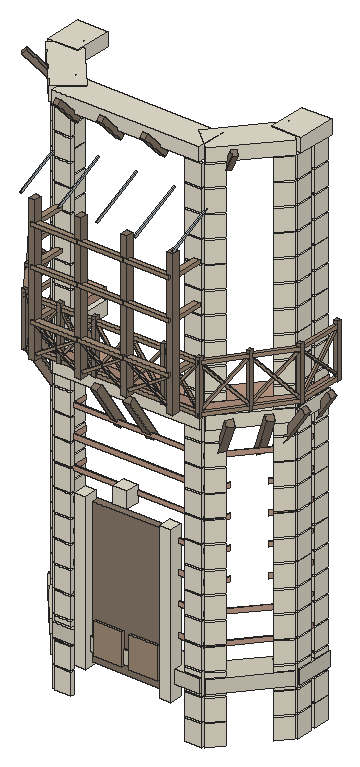
Revit family "AM_Detail_06_Polygonal_tower_and_carved_oriel", category Generic Models, Revit 2025
Family settings
  Can host rebar = No
  Round Connector Dimension = Use Diameter
  Part Type = Normal
  Work Plane-Based = No
  Always vertical = Yes
  Cut with Voids When Loaded = No
  Maintain Annotation Orientation = No
  Shared = No
  Room Calculation Point = No
Parameters (values of type "Original geometry")
  Description = "AM v1.0.0 architectural ornament. Editable native extrusion sketches; fixed photographic geometry. Not a structural wall/window/roof substitute."
  Default Elevation = 0 mm
Reference planes
  plane 1 "Center (Front/Back)": y = 0
  plane 2: z = 0
  plane 3 "Center (Left/Right)": x = 0
Forms (mm)
  Extrusion 1, solid, material "AM Warm limestone - fine pores"
    sketch origin (-2310, -5950, 1025) x (1, 0, 0) y (0, 1, 0)
      loop
        line (0, 0) -> (0, -700) -> (500, -700.001) -> (500, 0) -> (0, 0)
    from 0 to 250
  Extrusion 2, solid, material "AM Ivory carved stone"
    sketch origin (-2305, -5950, 5380) x (1, 0, 0) y (0, 1, 0)
      loop
        line (0, 0) -> (0, -700) -> (490, -700.001) -> (490, 0) -> (0, 0)
    from 0 to 240
  Extrusion 3, solid, material "AM Faded terracotta masonry"
    sketch origin (-2290, -5950, 5705) x (1, 0, 0) y (0, 1, 0)
      loop
        line (0, 0) -> (0, -700) -> (460, -700.001) -> (460, 0) -> (0, 0)
    from 0 to 130
  Extrusion 4, solid, material "AM Ivory carved stone"
    sketch origin (-2335, -5950, 9815) x (1, 0, 0) y (0, 1, 0)
      loop
        line (0, 0) -> (0, -700) -> (550, -700.001) -> (550, 0) -> (0, 0)
    from 0 to 250
  Extrusion 5, solid, material "AM Faded terracotta masonry"
    sketch origin (-2222, -5950, 1757.5) x (1, 0, 0) y (0, 1, 0)
      loop
        line (0, 0) -> (0, -700) -> (20, -700.001) -> (20, 0) -> (0, 0)
    from 0 to 85
  Extrusion 6, solid, material "AM Faded terracotta masonry"
    sketch origin (-2222, -5950, 2277.5) x (1, 0, 0) y (0, 1, 0)
      loop
        line (0, 0) -> (0, -700) -> (20, -700.001) -> (20, 0) -> (0, 0)
    from 0 to 85
  Extrusion 7, solid, material "AM Faded terracotta masonry"
    sketch origin (-2222, -5950, 2797.5) x (1, 0, 0) y (0, 1, 0)
      loop
        line (0, 0) -> (0, -700) -> (20, -700.001) -> (20, 0) -> (0, 0)
    from 0 to 85
  Extrusion 8, solid, material "AM Faded terracotta masonry"
    sketch origin (-2222, -5950, 3317.5) x (1, 0, 0) y (0, 1, 0)
      loop
        line (0, 0) -> (0, -700) -> (20, -700.001) -> (20, 0) -> (0, 0)
    from 0 to 85
  Extrusion 9, solid, material "AM Faded terracotta masonry"
    sketch origin (-2222, -5950, 3837.5) x (1, 0, 0) y (0, 1, 0)
      loop
        line (0, 0) -> (0, -700) -> (20, -700.001) -> (20, 0) -> (0, 0)
    from 0 to 85
  Extrusion 10, solid, material "AM Faded terracotta masonry"
    sketch origin (-2222, -5950, 4357.5) x (1, 0, 0) y (0, 1, 0)
      loop
        line (0, 0) -> (0, -700) -> (20, -700.001) -> (20, 0) -> (0, 0)
    from 0 to 85
  Extrusion 11, solid, material "AM Faded terracotta masonry"
    sketch origin (-2222, -5950, 4877.5) x (1, 0, 0) y (0, 1, 0)
      loop
        line (0, 0) -> (0, -700) -> (20, -700.001) -> (20, 0) -> (0, 0)
    from 0 to 85
  Extrusion 12, solid, material "AM Ivory carved stone"
    sketch origin (-2265, -5950, 125) x (1, 0, 0) y (0, 1, 0)
      loop
        line (0, 0) -> (0, -300) -> (60, -300) -> (60, 0) -> (0, 0)
    from 0 to 390
  Extrusion 13, solid, material "AM Ivory carved stone"
    sketch origin (-2265, -5950, 545) x (1, 0, 0) y (0, 1, 0)
      loop
        line (0, 0) -> (0, -300) -> (60, -300) -> (60, 0) -> (0, 0)
    from 0 to 390
  Extrusion 14, solid, material "AM Ivory carved stone"
    sketch origin (-2265, -5950, 965) x (1, 0, 0) y (0, 1, 0)
      loop
        line (0, 0) -> (0, -300) -> (60, -300) -> (60, 0) -> (0, 0)
    from 0 to 390
  Extrusion 15, solid, material "AM Ivory carved stone"
    sketch origin (-2265, -5950, 1385) x (1, 0, 0) y (0, 1, 0)
      loop
        line (0, 0) -> (0, -300) -> (60, -300) -> (60, 0) -> (0, 0)
    from 0 to 390
  Extrusion 16, solid, material "AM Ivory carved stone"
    sketch origin (-2265, -5950, 1805) x (1, 0, 0) y (0, 1, 0)
      loop
        line (0, 0) -> (0, -300) -> (60, -300) -> (60, 0) -> (0, 0)
    from 0 to 390
  Extrusion 17, solid, material "AM Ivory carved stone"
    sketch origin (-2265, -5950, 2225) x (1, 0, 0) y (0, 1, 0)
      loop
        line (0, 0) -> (0, -300) -> (60, -300) -> (60, 0) -> (0, 0)
    from 0 to 390
  Extrusion 18, solid, material "AM Ivory carved stone"
    sketch origin (-2265, -5950, 2645) x (1, 0, 0) y (0, 1, 0)
      loop
        line (0, 0) -> (0, -300) -> (60, -300) -> (60, 0) -> (0, 0)
    from 0 to 390
  Extrusion 19, solid, material "AM Ivory carved stone"
    sketch origin (-2265, -5950, 3065) x (1, 0, 0) y (0, 1, 0)
      loop
        line (0, 0) -> (0, -300) -> (60, -300) -> (60, 0) -> (0, 0)
    from 0 to 390
  Extrusion 20, solid, material "AM Ivory carved stone"
    sketch origin (-2265, -5950, 3485) x (1, 0, 0) y (0, 1, 0)
      loop
        line (0, 0) -> (0, -300) -> (60, -300) -> (60, 0) -> (0, 0)
    from 0 to 390
  Extrusion 21, solid, material "AM Ivory carved stone"
    sketch origin (-2265, -5950, 3905) x (1, 0, 0) y (0, 1, 0)
      loop
        line (0, 0) -> (0, -300) -> (60, -300) -> (60, 0) -> (0, 0)
    from 0 to 390
  Extrusion 22, solid, material "AM Ivory carved stone"
    sketch origin (-2265, -5950, 4325) x (1, 0, 0) y (0, 1, 0)
      loop
        line (0, 0) -> (0, -300) -> (60, -300) -> (60, 0) -> (0, 0)
    from 0 to 390
  Extrusion 23, solid, material "AM Ivory carved stone"
    sketch origin (-2265, -5950, 4745) x (1, 0, 0) y (0, 1, 0)
      loop
        line (0, 0) -> (0, -300) -> (60, -300) -> (60, 0) -> (0, 0)
    from 0 to 390
  Extrusion 24, solid, material "AM Ivory carved stone"
    sketch origin (-2265, -5950, 5165) x (1, 0, 0) y (0, 1, 0)
      loop
        line (0, 0) -> (0, -300) -> (60, -300) -> (60, 0) -> (0, 0)
    from 0 to 390
  Extrusion 25, solid, material "AM Ivory carved stone"
    sketch origin (-2265, -5950, 5585) x (1, 0, 0) y (0, 1, 0)
      loop
        line (0, 0) -> (0, -300) -> (60, -300) -> (60, 0) -> (0, 0)
    from 0 to 390
  Extrusion 26, solid, material "AM Ivory carved stone"
    sketch origin (-2265, -5950, 6005) x (1, 0, 0) y (0, 1, 0)
      loop
        line (0, 0) -> (0, -300) -> (60, -300) -> (60, 0) -> (0, 0)
    from 0 to 390
  Extrusion 27, solid, material "AM Ivory carved stone"
    sketch origin (-2265, -5950, 6425) x (1, 0, 0) y (0, 1, 0)
      loop
        line (0, 0) -> (0, -300) -> (60, -300) -> (60, 0) -> (0, 0)
    from 0 to 390
  Extrusion 28, solid, material "AM Ivory carved stone"
    sketch origin (-2265, -5950, 6845) x (1, 0, 0) y (0, 1, 0)
      loop
        line (0, 0) -> (0, -300) -> (60, -300) -> (60, 0) -> (0, 0)
    from 0 to 390
  Extrusion 29, solid, material "AM Ivory carved stone"
    sketch origin (-2265, -5950, 7265) x (1, 0, 0) y (0, 1, 0)
      loop
        line (0, 0) -> (0, -300) -> (60, -300) -> (60, 0) -> (0, 0)
    from 0 to 390
  Extrusion 30, solid, material "AM Ivory carved stone"
    sketch origin (-2265, -5950, 7685) x (1, 0, 0) y (0, 1, 0)
      loop
        line (0, 0) -> (0, -300) -> (60, -300) -> (60, 0) -> (0, 0)
    from 0 to 390
  Extrusion 31, solid, material "AM Ivory carved stone"
    sketch origin (-2265, -5950, 8105) x (1, 0, 0) y (0, 1, 0)
      loop
        line (0, 0) -> (0, -300) -> (60, -300) -> (60, 0) -> (0, 0)
    from 0 to 389.999
  Extrusion 32, solid, material "AM Ivory carved stone"
    sketch origin (-2265, -5950, 8525.001) x (1, 0, 0) y (0, 1, 0)
      loop
        line (0, 0) -> (0, -300) -> (60, -300) -> (60, 0) -> (0, 0)
    from 0 to 389.999
  Extrusion 33, solid, material "AM Ivory carved stone"
    sketch origin (-2265, -5950, 8945.001) x (1, 0, 0) y (0, 1, 0)
      loop
        line (0, 0) -> (0, -300) -> (60, -300) -> (60, 0) -> (0, 0)
    from 0 to 389.999
  Extrusion 34, solid, material "AM Ivory carved stone"
    sketch origin (-2265, -5950, 9365.001) x (1, 0, 0) y (0, 1, 0)
      loop
        line (0, 0) -> (0, -300) -> (60, -300) -> (60, 0) -> (0, 0)
    from 0 to 389.999
  Extrusion 35, solid, material "AM Ivory carved stone"
    sketch origin (-2265, -6350, 125) x (1, 0, 0) y (0, 1, 0)
      loop
        line (0, 0) -> (0, -300) -> (60, -300) -> (60, 0) -> (0, 0)
    from 0 to 390
  Extrusion 36, solid, material "AM Ivory carved stone"
    sketch origin (-2265, -6350, 545) x (1, 0, 0) y (0, 1, 0)
      loop
        line (0, 0) -> (0, -300) -> (60, -300) -> (60, 0) -> (0, 0)
    from 0 to 390
  Extrusion 37, solid, material "AM Ivory carved stone"
    sketch origin (-2265, -6350, 965) x (1, 0, 0) y (0, 1, 0)
      loop
        line (0, 0) -> (0, -300) -> (60, -300) -> (60, 0) -> (0, 0)
    from 0 to 390
  Extrusion 38, solid, material "AM Ivory carved stone"
    sketch origin (-2265, -6350, 1385) x (1, 0, 0) y (0, 1, 0)
      loop
        line (0, 0) -> (0, -300) -> (60, -300) -> (60, 0) -> (0, 0)
    from 0 to 390
  Extrusion 39, solid, material "AM Ivory carved stone"
    sketch origin (-2265, -6350, 1805) x (1, 0, 0) y (0, 1, 0)
      loop
        line (0, 0) -> (0, -300) -> (60, -300) -> (60, 0) -> (0, 0)
    from 0 to 390
  Extrusion 40, solid, material "AM Ivory carved stone"
    sketch origin (-2265, -6350, 2225) x (1, 0, 0) y (0, 1, 0)
      loop
        line (0, 0) -> (0, -300) -> (60, -300) -> (60, 0) -> (0, 0)
    from 0 to 390
  Extrusion 41, solid, material "AM Ivory carved stone"
    sketch origin (-2265, -6350, 2645) x (1, 0, 0) y (0, 1, 0)
      loop
        line (0, 0) -> (0, -300) -> (60, -300) -> (60, 0) -> (0, 0)
    from 0 to 390
  Extrusion 42, solid, material "AM Ivory carved stone"
    sketch origin (-2265, -6350, 3065) x (1, 0, 0) y (0, 1, 0)
      loop
        line (0, 0) -> (0, -300) -> (60, -300) -> (60, 0) -> (0, 0)
    from 0 to 390
  Extrusion 43, solid, material "AM Ivory carved stone"
    sketch origin (-2265, -6350, 3485) x (1, 0, 0) y (0, 1, 0)
      loop
        line (0, 0) -> (0, -300) -> (60, -300) -> (60, 0) -> (0, 0)
    from 0 to 390
  Extrusion 44, solid, material "AM Ivory carved stone"
    sketch origin (-2265, -6350, 3905) x (1, 0, 0) y (0, 1, 0)
      loop
        line (0, 0) -> (0, -300) -> (60, -300) -> (60, 0) -> (0, 0)
    from 0 to 390
  Extrusion 45, solid, material "AM Ivory carved stone"
    sketch origin (-2265, -6350, 4325) x (1, 0, 0) y (0, 1, 0)
      loop
        line (0, 0) -> (0, -300) -> (60, -300) -> (60, 0) -> (0, 0)
    from 0 to 390
  Extrusion 46, solid, material "AM Ivory carved stone"
    sketch origin (-2265, -6350, 4745) x (1, 0, 0) y (0, 1, 0)
      loop
        line (0, 0) -> (0, -300) -> (60, -300) -> (60, 0) -> (0, 0)
    from 0 to 390
  Extrusion 47, solid, material "AM Ivory carved stone"
    sketch origin (-2265, -6350, 5165) x (1, 0, 0) y (0, 1, 0)
      loop
        line (0, 0) -> (0, -300) -> (60, -300) -> (60, 0) -> (0, 0)
    from 0 to 390
  Extrusion 48, solid, material "AM Ivory carved stone"
    sketch origin (-2265, -6350, 5585) x (1, 0, 0) y (0, 1, 0)
      loop
        line (0, 0) -> (0, -300) -> (60, -300) -> (60, 0) -> (0, 0)
    from 0 to 390
  Extrusion 49, solid, material "AM Ivory carved stone"
    sketch origin (-2265, -6350, 6005) x (1, 0, 0) y (0, 1, 0)
      loop
        line (0, 0) -> (0, -300) -> (60, -300) -> (60, 0) -> (0, 0)
    from 0 to 390
  Extrusion 50, solid, material "AM Ivory carved stone"
    sketch origin (-2265, -6350, 6425) x (1, 0, 0) y (0, 1, 0)
      loop
        line (0, 0) -> (0, -300) -> (60, -300) -> (60, 0) -> (0, 0)
    from 0 to 390
  Extrusion 51, solid, material "AM Ivory carved stone"
    sketch origin (-2265, -6350, 6845) x (1, 0, 0) y (0, 1, 0)
      loop
        line (0, 0) -> (0, -300) -> (60, -300) -> (60, 0) -> (0, 0)
    from 0 to 390
  Extrusion 52, solid, material "AM Ivory carved stone"
    sketch origin (-2265, -6350, 7265) x (1, 0, 0) y (0, 1, 0)
      loop
        line (0, 0) -> (0, -300) -> (60, -300) -> (60, 0) -> (0, 0)
    from 0 to 390
  Extrusion 53, solid, material "AM Ivory carved stone"
    sketch origin (-2265, -6350, 7685) x (1, 0, 0) y (0, 1, 0)
      loop
        line (0, 0) -> (0, -300) -> (60, -300) -> (60, 0) -> (0, 0)
    from 0 to 390
  Extrusion 54, solid, material "AM Ivory carved stone"
    sketch origin (-2265, -6350, 8105) x (1, 0, 0) y (0, 1, 0)
      loop
        line (0, 0) -> (0, -300) -> (60, -300) -> (60, 0) -> (0, 0)
    from 0 to 389.999
  Extrusion 55, solid, material "AM Ivory carved stone"
    sketch origin (-2265, -6350, 8525.001) x (1, 0, 0) y (0, 1, 0)
      loop
        line (0, 0) -> (0, -300) -> (60, -300) -> (60, 0) -> (0, 0)
    from 0 to 389.999
  Extrusion 56, solid, material "AM Ivory carved stone"
    sketch origin (-2265, -6350, 8945.001) x (1, 0, 0) y (0, 1, 0)
      loop
        line (0, 0) -> (0, -300) -> (60, -300) -> (60, 0) -> (0, 0)
    from 0 to 389.999
  Extrusion 57, solid, material "AM Ivory carved stone"
    sketch origin (-2265, -6350, 9365.001) x (1, 0, 0) y (0, 1, 0)
      loop
        line (0, 0) -> (0, -300) -> (60, -300) -> (60, 0) -> (0, 0)
    from 0 to 389.999
  Extrusion 58, solid, material "AM Warm limestone - fine pores"
    sketch origin (-2283.813, -6721.241, 1025) x (1, 0, 0) y (0, 1, 0)
      loop
        line (0, 0) -> (850, -1000) -> (1230.97, -676.176) -> (380.97, 323.824) -> (0, 0)
    from 0 to 250
  Extrusion 59, solid, material "AM Ivory carved stone"
    sketch origin (-2280.004, -6718.003, 5380) x (1, 0, 0) y (0, 1, 0)
      loop
        line (0, 0) -> (850, -1000) -> (1223.35, -682.652) -> (373.35, 317.348) -> (0, 0)
    from 0 to 240
  Extrusion 60, solid, material "AM Faded terracotta masonry"
    sketch origin (-2268.575, -6708.289, 5705) x (1, 0, 0) y (0, 1, 0)
      loop
        line (0, 0) -> (850, -1000) -> (1200.492, -702.082) -> (350.492, 297.918) -> (0, 0)
    from 0 to 130
  Extrusion 61, solid, material "AM Ivory carved stone"
    sketch origin (-2302.862, -6737.433, 9815) x (1, 0, 0) y (0, 1, 0)
      loop
        line (0, 0) -> (850, -1000) -> (1269.067, -643.793) -> (419.067, 356.207) -> (0, 0)
    from 0 to 250
  Extrusion 62, solid, material "AM Faded terracotta masonry"
    sketch origin (-2216.763, -6664.248, 1757.5) x (1, 0, 0) y (0, 1, 0)
      loop
        line (0, 0) -> (850, -1000) -> (865.239, -987.047) -> (15.239, 12.953) -> (0, 0)
    from 0 to 85
  Extrusion 63, solid, material "AM Faded terracotta masonry"
    sketch origin (-2216.763, -6664.248, 2277.5) x (1, 0, 0) y (0, 1, 0)
      loop
        line (0, 0) -> (850, -1000) -> (865.239, -987.047) -> (15.239, 12.953) -> (0, 0)
    from 0 to 85
  Extrusion 64, solid, material "AM Faded terracotta masonry"
    sketch origin (-2216.763, -6664.248, 2797.5) x (1, 0, 0) y (0, 1, 0)
      loop
        line (0, 0) -> (240.42, -282.847) -> (255.659, -269.895) -> (15.239, 12.953) -> (0, 0)
    from 0 to 85
  Extrusion 65, solid, material "AM Faded terracotta masonry"
    sketch origin (-1607.183, -7381.401, 2797.5) x (1, 0, 0) y (0, 1, 0)
      loop
        line (0, 0) -> (240.42, -282.847) -> (255.659, -269.895) -> (15.239, 12.953) -> (0, 0)
    from 0 to 85
  Extrusion 66, solid, material "AM Faded terracotta masonry"
    sketch origin (-2216.763, -6664.248, 3317.5) x (1, 0, 0) y (0, 1, 0)
      loop
        line (0, 0) -> (240.42, -282.847) -> (255.659, -269.895) -> (15.239, 12.953) -> (0, 0)
    from 0 to 85
  Extrusion 67, solid, material "AM Faded terracotta masonry"
    sketch origin (-1607.183, -7381.401, 3317.5) x (1, 0, 0) y (0, 1, 0)
      loop
        line (0, 0) -> (240.42, -282.847) -> (255.659, -269.895) -> (15.239, 12.953) -> (0, 0)
    from 0 to 85
  Extrusion 68, solid, material "AM Faded terracotta masonry"
    sketch origin (-2216.763, -6664.248, 3837.5) x (1, 0, 0) y (0, 1, 0)
      loop
        line (0, 0) -> (240.42, -282.847) -> (255.659, -269.895) -> (15.239, 12.953) -> (0, 0)
    from 0 to 85
  Extrusion 69, solid, material "AM Faded terracotta masonry"
    sketch origin (-1607.183, -7381.401, 3837.5) x (1, 0, 0) y (0, 1, 0)
      loop
        line (0, 0) -> (240.42, -282.847) -> (255.659, -269.895) -> (15.239, 12.953) -> (0, 0)
    from 0 to 85
  Extrusion 70, solid, material "AM Faded terracotta masonry"
    sketch origin (-2216.763, -6664.248, 4357.5) x (1, 0, 0) y (0, 1, 0)
      loop
        line (0, 0) -> (240.42, -282.847) -> (255.659, -269.895) -> (15.239, 12.953) -> (0, 0)
    from 0 to 85
  Extrusion 71, solid, material "AM Faded terracotta masonry"
    sketch origin (-1607.183, -7381.401, 4357.5) x (1, 0, 0) y (0, 1, 0)
      loop
        line (0, 0) -> (240.42, -282.847) -> (255.659, -269.895) -> (15.239, 12.953) -> (0, 0)
    from 0 to 85
  Extrusion 72, solid, material "AM Faded terracotta masonry"
    sketch origin (-2216.763, -6664.248, 4877.5) x (1, 0, 0) y (0, 1, 0)
      loop
        line (0, 0) -> (850, -1000) -> (865.239, -987.047) -> (15.239, 12.953) -> (0, 0)
    from 0 to 85
  Extrusion 73, solid, material "AM Ivory carved stone"
    sketch origin (-2249.526, -6692.097, 125) x (1, 0, 0) y (0, 1, 0)
      loop
        line (0, 0) -> (194.294, -228.582) -> (240.011, -189.723) -> (45.716, 38.859) -> (0, 0)
    from 0 to 390
  Extrusion 74, solid, material "AM Ivory carved stone"
    sketch origin (-2249.526, -6692.097, 545) x (1, 0, 0) y (0, 1, 0)
      loop
        line (0, 0) -> (194.294, -228.582) -> (240.011, -189.723) -> (45.716, 38.859) -> (0, 0)
    from 0 to 390
  Extrusion 75, solid, material "AM Ivory carved stone"
    sketch origin (-2249.526, -6692.097, 965) x (1, 0, 0) y (0, 1, 0)
      loop
        line (0, 0) -> (194.294, -228.582) -> (240.011, -189.723) -> (45.716, 38.859) -> (0, 0)
    from 0 to 390
  Extrusion 76, solid, material "AM Ivory carved stone"
    sketch origin (-2249.526, -6692.097, 1385) x (1, 0, 0) y (0, 1, 0)
      loop
        line (0, 0) -> (194.294, -228.582) -> (240.011, -189.723) -> (45.716, 38.859) -> (0, 0)
    from 0 to 390
  Extrusion 77, solid, material "AM Ivory carved stone"
    sketch origin (-2249.526, -6692.097, 1805) x (1, 0, 0) y (0, 1, 0)
      loop
        line (0, 0) -> (194.294, -228.582) -> (240.011, -189.723) -> (45.716, 38.859) -> (0, 0)
    from 0 to 390
  Extrusion 78, solid, material "AM Ivory carved stone"
    sketch origin (-2249.526, -6692.097, 2225) x (1, 0, 0) y (0, 1, 0)
      loop
        line (0, 0) -> (194.294, -228.582) -> (240.011, -189.723) -> (45.716, 38.859) -> (0, 0)
    from 0 to 390
  Extrusion 79, solid, material "AM Ivory carved stone"
    sketch origin (-2249.526, -6692.097, 2645) x (1, 0, 0) y (0, 1, 0)
      loop
        line (0, 0) -> (194.294, -228.582) -> (240.011, -189.723) -> (45.716, 38.859) -> (0, 0)
    from 0 to 390
  Extrusion 80, solid, material "AM Ivory carved stone"
    sketch origin (-2249.526, -6692.097, 3065) x (1, 0, 0) y (0, 1, 0)
      loop
        line (0, 0) -> (194.294, -228.582) -> (240.011, -189.723) -> (45.716, 38.859) -> (0, 0)
    from 0 to 390
  Extrusion 81, solid, material "AM Ivory carved stone"
    sketch origin (-2249.526, -6692.097, 3485) x (1, 0, 0) y (0, 1, 0)
      loop
        line (0, 0) -> (194.294, -228.582) -> (240.011, -189.723) -> (45.716, 38.859) -> (0, 0)
    from 0 to 390
  Extrusion 82, solid, material "AM Ivory carved stone"
    sketch origin (-2249.526, -6692.097, 3905) x (1, 0, 0) y (0, 1, 0)
      loop
        line (0, 0) -> (194.294, -228.582) -> (240.011, -189.723) -> (45.716, 38.859) -> (0, 0)
    from 0 to 390
  Extrusion 83, solid, material "AM Ivory carved stone"
    sketch origin (-2249.526, -6692.097, 4325) x (1, 0, 0) y (0, 1, 0)
      loop
        line (0, 0) -> (194.294, -228.582) -> (240.011, -189.723) -> (45.716, 38.859) -> (0, 0)
    from 0 to 390
  Extrusion 84, solid, material "AM Ivory carved stone"
    sketch origin (-2249.526, -6692.097, 4745) x (1, 0, 0) y (0, 1, 0)
      loop
        line (0, 0) -> (194.294, -228.582) -> (240.011, -189.723) -> (45.716, 38.859) -> (0, 0)
    from 0 to 390
  Extrusion 85, solid, material "AM Ivory carved stone"
    sketch origin (-2249.526, -6692.097, 5165) x (1, 0, 0) y (0, 1, 0)
      loop
        line (0, 0) -> (194.294, -228.582) -> (240.011, -189.723) -> (45.716, 38.859) -> (0, 0)
    from 0 to 390
  Extrusion 86, solid, material "AM Ivory carved stone"
    sketch origin (-2249.526, -6692.097, 5585) x (1, 0, 0) y (0, 1, 0)
      loop
        line (0, 0) -> (194.294, -228.582) -> (240.011, -189.723) -> (45.716, 38.859) -> (0, 0)
    from 0 to 390
  Extrusion 87, solid, material "AM Ivory carved stone"
    sketch origin (-2249.526, -6692.097, 6005) x (1, 0, 0) y (0, 1, 0)
      loop
        line (0, 0) -> (194.294, -228.582) -> (240.011, -189.723) -> (45.716, 38.859) -> (0, 0)
    from 0 to 390
  Extrusion 88, solid, material "AM Ivory carved stone"
    sketch origin (-2249.526, -6692.097, 6425) x (1, 0, 0) y (0, 1, 0)
      loop
        line (0, 0) -> (194.294, -228.582) -> (240.011, -189.723) -> (45.716, 38.859) -> (0, 0)
    from 0 to 390
  Extrusion 89, solid, material "AM Ivory carved stone"
    sketch origin (-2249.526, -6692.097, 6845) x (1, 0, 0) y (0, 1, 0)
      loop
        line (0, 0) -> (194.294, -228.582) -> (240.011, -189.723) -> (45.716, 38.859) -> (0, 0)
    from 0 to 390
  Extrusion 90, solid, material "AM Ivory carved stone"
    sketch origin (-2249.526, -6692.097, 7265) x (1, 0, 0) y (0, 1, 0)
      loop
        line (0, 0) -> (194.294, -228.582) -> (240.011, -189.723) -> (45.716, 38.859) -> (0, 0)
    from 0 to 390
  Extrusion 91, solid, material "AM Ivory carved stone"
    sketch origin (-2249.526, -6692.097, 7685) x (1, 0, 0) y (0, 1, 0)
      loop
        line (0, 0) -> (194.294, -228.582) -> (240.011, -189.723) -> (45.716, 38.859) -> (0, 0)
    from 0 to 390
  Extrusion 92, solid, material "AM Ivory carved stone"
    sketch origin (-2249.526, -6692.097, 8105) x (1, 0, 0) y (0, 1, 0)
      loop
        line (0, 0) -> (194.294, -228.582) -> (240.011, -189.723) -> (45.716, 38.859) -> (0, 0)
    from 0 to 389.999
  Extrusion 93, solid, material "AM Ivory carved stone"
    sketch origin (-2249.526, -6692.097, 8525.001) x (1, 0, 0) y (0, 1, 0)
      loop
        line (0, 0) -> (194.294, -228.582) -> (240.011, -189.723) -> (45.716, 38.859) -> (0, 0)
    from 0 to 389.999
  Extrusion 94, solid, material "AM Ivory carved stone"
    sketch origin (-2249.526, -6692.097, 8945.001) x (1, 0, 0) y (0, 1, 0)
      loop
        line (0, 0) -> (194.294, -228.582) -> (240.011, -189.723) -> (45.716, 38.859) -> (0, 0)
    from 0 to 389.999
  Extrusion 95, solid, material "AM Ivory carved stone"
    sketch origin (-2249.526, -6692.097, 9365.001) x (1, 0, 0) y (0, 1, 0)
      loop
        line (0, 0) -> (194.294, -228.582) -> (240.011, -189.723) -> (45.716, 38.859) -> (0, 0)
    from 0 to 389.999
  Extrusion 96, solid, material "AM Ivory carved stone"
    sketch origin (-1593.821, -7463.516, 125) x (1, 0, 0) y (0, 1, 0)
      loop
        line (0, 0) -> (194.295, -228.582) -> (240.011, -189.723) -> (45.716, 38.859) -> (0, 0)
    from 0 to 390
  Extrusion 97, solid, material "AM Ivory carved stone"
    sketch origin (-1593.821, -7463.516, 545) x (1, 0, 0) y (0, 1, 0)
      loop
        line (0, 0) -> (194.295, -228.582) -> (240.011, -189.723) -> (45.716, 38.859) -> (0, 0)
    from 0 to 390
  Extrusion 98, solid, material "AM Ivory carved stone"
    sketch origin (-1593.821, -7463.516, 965) x (1, 0, 0) y (0, 1, 0)
      loop
        line (0, 0) -> (194.295, -228.582) -> (240.011, -189.723) -> (45.716, 38.859) -> (0, 0)
    from 0 to 390
  Extrusion 99, solid, material "AM Ivory carved stone"
    sketch origin (-1593.821, -7463.516, 1385) x (1, 0, 0) y (0, 1, 0)
      loop
        line (0, 0) -> (194.295, -228.582) -> (240.011, -189.723) -> (45.716, 38.859) -> (0, 0)
    from 0 to 390
  Extrusion 100, solid, material "AM Ivory carved stone"
    sketch origin (-1593.821, -7463.516, 1805) x (1, 0, 0) y (0, 1, 0)
      loop
        line (0, 0) -> (194.295, -228.582) -> (240.011, -189.723) -> (45.716, 38.859) -> (0, 0)
    from 0 to 390
  Extrusion 101, solid, material "AM Ivory carved stone"
    sketch origin (-1593.821, -7463.516, 2225) x (1, 0, 0) y (0, 1, 0)
      loop
        line (0, 0) -> (194.295, -228.582) -> (240.011, -189.723) -> (45.716, 38.859) -> (0, 0)
    from 0 to 390
  Extrusion 102, solid, material "AM Ivory carved stone"
    sketch origin (-1593.821, -7463.516, 2645) x (1, 0, 0) y (0, 1, 0)
      loop
        line (0, 0) -> (194.295, -228.582) -> (240.011, -189.723) -> (45.716, 38.859) -> (0, 0)
    from 0 to 390
  Extrusion 103, solid, material "AM Ivory carved stone"
    sketch origin (-1593.821, -7463.516, 3065) x (1, 0, 0) y (0, 1, 0)
      loop
        line (0, 0) -> (194.295, -228.582) -> (240.011, -189.723) -> (45.716, 38.859) -> (0, 0)
    from 0 to 390
  Extrusion 104, solid, material "AM Ivory carved stone"
    sketch origin (-1593.821, -7463.516, 3485) x (1, 0, 0) y (0, 1, 0)
      loop
        line (0, 0) -> (194.295, -228.582) -> (240.011, -189.723) -> (45.716, 38.859) -> (0, 0)
    from 0 to 390
  Extrusion 105, solid, material "AM Ivory carved stone"
    sketch origin (-1593.821, -7463.516, 3905) x (1, 0, 0) y (0, 1, 0)
      loop
        line (0, 0) -> (194.295, -228.582) -> (240.011, -189.723) -> (45.716, 38.859) -> (0, 0)
    from 0 to 390
  Extrusion 106, solid, material "AM Ivory carved stone"
    sketch origin (-1593.821, -7463.516, 4325) x (1, 0, 0) y (0, 1, 0)
      loop
        line (0, 0) -> (194.295, -228.582) -> (240.011, -189.723) -> (45.716, 38.859) -> (0, 0)
    from 0 to 390
  Extrusion 107, solid, material "AM Ivory carved stone"
    sketch origin (-1593.821, -7463.516, 4745) x (1, 0, 0) y (0, 1, 0)
      loop
        line (0, 0) -> (194.295, -228.582) -> (240.011, -189.723) -> (45.716, 38.859) -> (0, 0)
    from 0 to 390
  Extrusion 108, solid, material "AM Ivory carved stone"
    sketch origin (-1593.821, -7463.516, 5165) x (1, 0, 0) y (0, 1, 0)
      loop
        line (0, 0) -> (194.295, -228.582) -> (240.011, -189.723) -> (45.716, 38.859) -> (0, 0)
    from 0 to 390
  Extrusion 109, solid, material "AM Ivory carved stone"
    sketch origin (-1593.821, -7463.516, 5585) x (1, 0, 0) y (0, 1, 0)
      loop
        line (0, 0) -> (194.295, -228.582) -> (240.011, -189.723) -> (45.716, 38.859) -> (0, 0)
    from 0 to 390
  Extrusion 110, solid, material "AM Ivory carved stone"
    sketch origin (-1593.821, -7463.516, 6005) x (1, 0, 0) y (0, 1, 0)
      loop
        line (0, 0) -> (194.295, -228.582) -> (240.011, -189.723) -> (45.716, 38.859) -> (0, 0)
    from 0 to 390
  Extrusion 111, solid, material "AM Ivory carved stone"
    sketch origin (-1593.821, -7463.516, 6425) x (1, 0, 0) y (0, 1, 0)
      loop
        line (0, 0) -> (194.295, -228.582) -> (240.011, -189.723) -> (45.716, 38.859) -> (0, 0)
    from 0 to 390
  Extrusion 112, solid, material "AM Ivory carved stone"
    sketch origin (-1593.821, -7463.516, 6845) x (1, 0, 0) y (0, 1, 0)
      loop
        line (0, 0) -> (194.295, -228.582) -> (240.011, -189.723) -> (45.716, 38.859) -> (0, 0)
    from 0 to 390
  Extrusion 113, solid, material "AM Ivory carved stone"
    sketch origin (-1593.821, -7463.516, 7265) x (1, 0, 0) y (0, 1, 0)
      loop
        line (0, 0) -> (194.295, -228.582) -> (240.011, -189.723) -> (45.716, 38.859) -> (0, 0)
    from 0 to 390
  Extrusion 114, solid, material "AM Ivory carved stone"
    sketch origin (-1593.821, -7463.516, 7685) x (1, 0, 0) y (0, 1, 0)
      loop
        line (0, 0) -> (194.295, -228.582) -> (240.011, -189.723) -> (45.716, 38.859) -> (0, 0)
    from 0 to 390
  Extrusion 115, solid, material "AM Ivory carved stone"
    sketch origin (-1593.821, -7463.516, 8105) x (1, 0, 0) y (0, 1, 0)
      loop
        line (0, 0) -> (194.295, -228.582) -> (240.011, -189.723) -> (45.716, 38.859) -> (0, 0)
    from 0 to 389.999
  Extrusion 116, solid, material "AM Ivory carved stone"
    sketch origin (-1593.821, -7463.516, 8525.001) x (1, 0, 0) y (0, 1, 0)
      loop
        line (0, 0) -> (194.295, -228.582) -> (240.011, -189.723) -> (45.716, 38.859) -> (0, 0)
    from 0 to 389.999
  Extrusion 117, solid, material "AM Ivory carved stone"
    sketch origin (-1593.821, -7463.516, 8945.001) x (1, 0, 0) y (0, 1, 0)
      loop
        line (0, 0) -> (194.295, -228.582) -> (240.011, -189.723) -> (45.716, 38.859) -> (0, 0)
    from 0 to 389.999
  Extrusion 118, solid, material "AM Ivory carved stone"
    sketch origin (-1593.821, -7463.516, 9365.001) x (1, 0, 0) y (0, 1, 0)
      loop
        line (0, 0) -> (194.295, -228.582) -> (240.011, -189.723) -> (45.716, 38.859) -> (0, 0)
    from 0 to 389.999
  Extrusion 119, solid, material "AM Aged chestnut timber"
    sketch origin (-2030.49, -6902.93, 9607.513) x (0.853484, -0.270457, 0.445441) y (0, 0.854779, 0.518992)
      loop
        line (0, 0) -> (72.089, -61.873) -> (133.961, 10.216) -> (61.872, 72.089) -> (0, 0)
    from 0 to 657.951
  Extrusion 120, solid, material "AM Warm limestone - fine pores"
    sketch origin (-1350, -7760, 1025) x (1, 0, 0) y (0, 1, 0)
      loop
        line (0, 0) -> (2700, 0) -> (2700, 500) -> (0, 500) -> (0, 0)
    from 0 to 250
  Extrusion 121, solid, material "AM Ivory carved stone"
    sketch origin (-1350, -7755, 5380) x (1, 0, 0) y (0, 1, 0)
      loop
        line (0, 0) -> (2700, 0) -> (2700, 490) -> (0, 490) -> (0, 0)
    from 0 to 240
  Extrusion 122, solid, material "AM Faded terracotta masonry"
    sketch origin (-1350, -7740, 5705) x (1, 0, 0) y (0, 1, 0)
      loop
        line (0, 0) -> (2700, 0) -> (2700, 460) -> (0, 460) -> (0, 0)
    from 0 to 130
  Extrusion 123, solid, material "AM Ivory carved stone"
    sketch origin (-1350, -7785, 9815) x (1, 0, 0) y (0, 1, 0)
      loop
        line (0, 0) -> (2700, 0) -> (2700, 550) -> (0, 550) -> (0, 0)
    from 0 to 250
  Extrusion 124, solid, material "AM Faded terracotta masonry"
    sketch origin (-1350, -7672, 1757.5) x (1, 0, 0) y (0, 1, 0)
      loop
        line (0, 0) -> (655, 0) -> (655, 20) -> (0, 20) -> (0, 0)
    from 0 to 85
  Extrusion 125, solid, material "AM Faded terracotta masonry"
    sketch origin (695, -7672, 1757.5) x (1, 0, 0) y (0, 1, 0)
      loop
        line (0, 0) -> (655, 0) -> (655, 20) -> (0, 20) -> (0, 0)
    from 0 to 85
  Extrusion 126, solid, material "AM Faded terracotta masonry"
    sketch origin (-1350, -7672, 2277.5) x (1, 0, 0) y (0, 1, 0)
      loop
        line (0, 0) -> (655, 0) -> (655, 20) -> (0, 20) -> (0, 0)
    from 0 to 85
  Extrusion 127, solid, material "AM Faded terracotta masonry"
    sketch origin (695, -7672, 2277.5) x (1, 0, 0) y (0, 1, 0)
      loop
        line (0, 0) -> (655, 0) -> (655, 20) -> (0, 20) -> (0, 0)
    from 0 to 85
  Extrusion 128, solid, material "AM Faded terracotta masonry"
    sketch origin (-1350, -7672, 2797.5) x (1, 0, 0) y (0, 1, 0)
      loop
        line (0, 0) -> (655, 0) -> (655, 20) -> (0, 20) -> (0, 0)
    from 0 to 85
  Extrusion 129, solid, material "AM Faded terracotta masonry"
    sketch origin (695, -7672, 2797.5) x (1, 0, 0) y (0, 1, 0)
      loop
        line (0, 0) -> (655, 0) -> (655, 20) -> (0, 20) -> (0, 0)
    from 0 to 85
  Extrusion 130, solid, material "AM Faded terracotta masonry"
    sketch origin (-1350, -7672, 3317.5) x (1, 0, 0) y (0, 1, 0)
      loop
        line (0, 0) -> (655, 0) -> (655, 20) -> (0, 20) -> (0, 0)
    from 0 to 85
  Extrusion 131, solid, material "AM Faded terracotta masonry"
    sketch origin (695, -7672, 3317.5) x (1, 0, 0) y (0, 1, 0)
      loop
        line (0, 0) -> (655, 0) -> (655, 20) -> (0, 20) -> (0, 0)
    from 0 to 85
  Extrusion 132, solid, material "AM Faded terracotta masonry"
    sketch origin (-1350, -7672, 3837.5) x (1, 0, 0) y (0, 1, 0)
      loop
        line (0, 0) -> (2700, 0) -> (2700, 20) -> (0, 20) -> (0, 0)
    from 0 to 85
  Extrusion 133, solid, material "AM Faded terracotta masonry"
    sketch origin (-1350, -7672, 4357.5) x (1, 0, 0) y (0, 1, 0)
      loop
        line (0, 0) -> (2700, 0) -> (2700, 20) -> (0, 20) -> (0, 0)
    from 0 to 85
  Extrusion 134, solid, material "AM Faded terracotta masonry"
    sketch origin (-1350, -7672, 4877.5) x (1, 0, 0) y (0, 1, 0)
      loop
        line (0, 0) -> (2700, 0) -> (2700, 20) -> (0, 20) -> (0, 0)
    from 0 to 85
  Extrusion 135, solid, material "AM Ivory carved stone"
    sketch origin (-1350, -7715, 125) x (1, 0, 0) y (0, 1, 0)
      loop
        line (0, 0) -> (300, 0) -> (300, 60) -> (0, 60) -> (0, 0)
    from 0 to 390
  Extrusion 136, solid, material "AM Ivory carved stone"
    sketch origin (-1350, -7715, 545) x (1, 0, 0) y (0, 1, 0)
      loop
        line (0, 0) -> (300, 0) -> (300, 60) -> (0, 60) -> (0, 0)
    from 0 to 390
  Extrusion 137, solid, material "AM Ivory carved stone"
    sketch origin (-1350, -7715, 965) x (1, 0, 0) y (0, 1, 0)
      loop
        line (0, 0) -> (300, 0) -> (300, 60) -> (0, 60) -> (0, 0)
    from 0 to 390
  Extrusion 138, solid, material "AM Ivory carved stone"
    sketch origin (-1350, -7715, 1385) x (1, 0, 0) y (0, 1, 0)
      loop
        line (0, 0) -> (300, 0) -> (300, 60) -> (0, 60) -> (0, 0)
    from 0 to 390
  Extrusion 139, solid, material "AM Ivory carved stone"
    sketch origin (-1350, -7715, 1805) x (1, 0, 0) y (0, 1, 0)
      loop
        line (0, 0) -> (300, 0) -> (300, 60) -> (0, 60) -> (0, 0)
    from 0 to 390
  Extrusion 140, solid, material "AM Ivory carved stone"
    sketch origin (-1350, -7715, 2225) x (1, 0, 0) y (0, 1, 0)
      loop
        line (0, 0) -> (300, 0) -> (300, 60) -> (0, 60) -> (0, 0)
    from 0 to 390
  Extrusion 141, solid, material "AM Ivory carved stone"
    sketch origin (-1350, -7715, 2645) x (1, 0, 0) y (0, 1, 0)
      loop
        line (0, 0) -> (300, 0) -> (300, 60) -> (0, 60) -> (0, 0)
    from 0 to 390
  Extrusion 142, solid, material "AM Ivory carved stone"
    sketch origin (-1350, -7715, 3065) x (1, 0, 0) y (0, 1, 0)
      loop
        line (0, 0) -> (300, 0) -> (300, 60) -> (0, 60) -> (0, 0)
    from 0 to 390
  Extrusion 143, solid, material "AM Ivory carved stone"
    sketch origin (-1350, -7715, 3485) x (1, 0, 0) y (0, 1, 0)
      loop
        line (0, 0) -> (300, 0) -> (300, 60) -> (0, 60) -> (0, 0)
    from 0 to 390
  Extrusion 144, solid, material "AM Ivory carved stone"
    sketch origin (-1350, -7715, 3905) x (1, 0, 0) y (0, 1, 0)
      loop
        line (0, 0) -> (300, 0) -> (300, 60) -> (0, 60) -> (0, 0)
    from 0 to 390
  Extrusion 145, solid, material "AM Ivory carved stone"
    sketch origin (-1350, -7715, 4325) x (1, 0, 0) y (0, 1, 0)
      loop
        line (0, 0) -> (300, 0) -> (300, 60) -> (0, 60) -> (0, 0)
    from 0 to 390
  Extrusion 146, solid, material "AM Ivory carved stone"
    sketch origin (-1350, -7715, 4745) x (1, 0, 0) y (0, 1, 0)
      loop
        line (0, 0) -> (300, 0) -> (300, 60) -> (0, 60) -> (0, 0)
    from 0 to 390
  Extrusion 147, solid, material "AM Ivory carved stone"
    sketch origin (-1350, -7715, 5165) x (1, 0, 0) y (0, 1, 0)
      loop
        line (0, 0) -> (300, 0) -> (300, 60) -> (0, 60) -> (0, 0)
    from 0 to 390
  Extrusion 148, solid, material "AM Ivory carved stone"
    sketch origin (-1350, -7715, 5585) x (1, 0, 0) y (0, 1, 0)
      loop
        line (0, 0) -> (300, 0) -> (300, 60) -> (0, 60) -> (0, 0)
    from 0 to 390
  Extrusion 149, solid, material "AM Ivory carved stone"
    sketch origin (-1350, -7715, 6005) x (1, 0, 0) y (0, 1, 0)
      loop
        line (0, 0) -> (300, 0) -> (300, 60) -> (0, 60) -> (0, 0)
    from 0 to 390
  Extrusion 150, solid, material "AM Ivory carved stone"
    sketch origin (-1350, -7715, 6425) x (1, 0, 0) y (0, 1, 0)
      loop
        line (0, 0) -> (300, 0) -> (300, 60) -> (0, 60) -> (0, 0)
    from 0 to 390
  Extrusion 151, solid, material "AM Ivory carved stone"
    sketch origin (-1350, -7715, 6845) x (1, 0, 0) y (0, 1, 0)
      loop
        line (0, 0) -> (300, 0) -> (300, 60) -> (0, 60) -> (0, 0)
    from 0 to 390
  Extrusion 152, solid, material "AM Ivory carved stone"
    sketch origin (-1350, -7715, 7265) x (1, 0, 0) y (0, 1, 0)
      loop
        line (0, 0) -> (300, 0) -> (300, 60) -> (0, 60) -> (0, 0)
    from 0 to 390
  Extrusion 153, solid, material "AM Ivory carved stone"
    sketch origin (-1350, -7715, 7685) x (1, 0, 0) y (0, 1, 0)
      loop
        line (0, 0) -> (300, 0) -> (300, 60) -> (0, 60) -> (0, 0)
    from 0 to 390
  Extrusion 154, solid, material "AM Ivory carved stone"
    sketch origin (-1350, -7715, 8105) x (1, 0, 0) y (0, 1, 0)
      loop
        line (0, 0) -> (300, 0) -> (300, 60) -> (0, 60) -> (0, 0)
    from 0 to 389.999
  Extrusion 155, solid, material "AM Ivory carved stone"
    sketch origin (-1350, -7715, 8525.001) x (1, 0, 0) y (0, 1, 0)
      loop
        line (0, 0) -> (300, 0) -> (300, 60) -> (0, 60) -> (0, 0)
    from 0 to 389.999
  Extrusion 156, solid, material "AM Ivory carved stone"
    sketch origin (-1350, -7715, 8945.001) x (1, 0, 0) y (0, 1, 0)
      loop
        line (0, 0) -> (300, 0) -> (300, 60) -> (0, 60) -> (0, 0)
    from 0 to 389.999
  Extrusion 157, solid, material "AM Ivory carved stone"
    sketch origin (-1350, -7715, 9365.001) x (1, 0, 0) y (0, 1, 0)
      loop
        line (0, 0) -> (300, 0) -> (300, 60) -> (0, 60) -> (0, 0)
    from 0 to 389.999
  Extrusion 158, solid, material "AM Ivory carved stone"
    sketch origin (1050, -7715, 125) x (1, 0, 0) y (0, 1, 0)
      loop
        line (0, 0) -> (300, 0) -> (300, 60) -> (0, 60) -> (0, 0)
    from 0 to 390
  Extrusion 159, solid, material "AM Ivory carved stone"
    sketch origin (1050, -7715, 545) x (1, 0, 0) y (0, 1, 0)
      loop
        line (0, 0) -> (300, 0) -> (300, 60) -> (0, 60) -> (0, 0)
    from 0 to 390
  Extrusion 160, solid, material "AM Ivory carved stone"
    sketch origin (1050, -7715, 965) x (1, 0, 0) y (0, 1, 0)
      loop
        line (0, 0) -> (300, 0) -> (300, 60) -> (0, 60) -> (0, 0)
    from 0 to 390
  Extrusion 161, solid, material "AM Ivory carved stone"
    sketch origin (1050, -7715, 1385) x (1, 0, 0) y (0, 1, 0)
      loop
        line (0, 0) -> (300, 0) -> (300, 60) -> (0, 60) -> (0, 0)
    from 0 to 390
  Extrusion 162, solid, material "AM Ivory carved stone"
    sketch origin (1050, -7715, 1805) x (1, 0, 0) y (0, 1, 0)
      loop
        line (0, 0) -> (300, 0) -> (300, 60) -> (0, 60) -> (0, 0)
    from 0 to 390
  Extrusion 163, solid, material "AM Ivory carved stone"
    sketch origin (1050, -7715, 2225) x (1, 0, 0) y (0, 1, 0)
      loop
        line (0, 0) -> (300, 0) -> (300, 60) -> (0, 60) -> (0, 0)
    from 0 to 390
  Extrusion 164, solid, material "AM Ivory carved stone"
    sketch origin (1050, -7715, 2645) x (1, 0, 0) y (0, 1, 0)
      loop
        line (0, 0) -> (300, 0) -> (300, 60) -> (0, 60) -> (0, 0)
    from 0 to 390
  Extrusion 165, solid, material "AM Ivory carved stone"
    sketch origin (1050, -7715, 3065) x (1, 0, 0) y (0, 1, 0)
      loop
        line (0, 0) -> (300, 0) -> (300, 60) -> (0, 60) -> (0, 0)
    from 0 to 390
  Extrusion 166, solid, material "AM Ivory carved stone"
    sketch origin (1050, -7715, 3485) x (1, 0, 0) y (0, 1, 0)
      loop
        line (0, 0) -> (300, 0) -> (300, 60) -> (0, 60) -> (0, 0)
    from 0 to 390
  Extrusion 167, solid, material "AM Ivory carved stone"
    sketch origin (1050, -7715, 3905) x (1, 0, 0) y (0, 1, 0)
      loop
        line (0, 0) -> (300, 0) -> (300, 60) -> (0, 60) -> (0, 0)
    from 0 to 390
  Extrusion 168, solid, material "AM Ivory carved stone"
    sketch origin (1050, -7715, 4325) x (1, 0, 0) y (0, 1, 0)
      loop
        line (0, 0) -> (300, 0) -> (300, 60) -> (0, 60) -> (0, 0)
    from 0 to 390
  Extrusion 169, solid, material "AM Ivory carved stone"
    sketch origin (1050, -7715, 4745) x (1, 0, 0) y (0, 1, 0)
      loop
        line (0, 0) -> (300, 0) -> (300, 60) -> (0, 60) -> (0, 0)
    from 0 to 390
  Extrusion 170, solid, material "AM Ivory carved stone"
    sketch origin (1050, -7715, 5165) x (1, 0, 0) y (0, 1, 0)
      loop
        line (0, 0) -> (300, 0) -> (300, 60) -> (0, 60) -> (0, 0)
    from 0 to 390
  Extrusion 171, solid, material "AM Ivory carved stone"
    sketch origin (1050, -7715, 5585) x (1, 0, 0) y (0, 1, 0)
      loop
        line (0, 0) -> (300, 0) -> (300, 60) -> (0, 60) -> (0, 0)
    from 0 to 390
  Extrusion 172, solid, material "AM Ivory carved stone"
    sketch origin (1050, -7715, 6005) x (1, 0, 0) y (0, 1, 0)
      loop
        line (0, 0) -> (300, 0) -> (300, 60) -> (0, 60) -> (0, 0)
    from 0 to 390
  Extrusion 173, solid, material "AM Ivory carved stone"
    sketch origin (1050, -7715, 6425) x (1, 0, 0) y (0, 1, 0)
      loop
        line (0, 0) -> (300, 0) -> (300, 60) -> (0, 60) -> (0, 0)
    from 0 to 390
  Extrusion 174, solid, material "AM Ivory carved stone"
    sketch origin (1050, -7715, 6845) x (1, 0, 0) y (0, 1, 0)
      loop
        line (0, 0) -> (300, 0) -> (300, 60) -> (0, 60) -> (0, 0)
    from 0 to 390
  Extrusion 175, solid, material "AM Ivory carved stone"
    sketch origin (1050, -7715, 7265) x (1, 0, 0) y (0, 1, 0)
      loop
        line (0, 0) -> (300, 0) -> (300, 60) -> (0, 60) -> (0, 0)
    from 0 to 390
  Extrusion 176, solid, material "AM Ivory carved stone"
    sketch origin (1050, -7715, 7685) x (1, 0, 0) y (0, 1, 0)
      loop
        line (0, 0) -> (300, 0) -> (300, 60) -> (0, 60) -> (0, 0)
    from 0 to 390
  Extrusion 177, solid, material "AM Ivory carved stone"
    sketch origin (1050, -7715, 8105) x (1, 0, 0) y (0, 1, 0)
      loop
        line (0, 0) -> (300, 0) -> (300, 60) -> (0, 60) -> (0, 0)
    from 0 to 389.999
  Extrusion 178, solid, material "AM Ivory carved stone"
    sketch origin (1050, -7715, 8525.001) x (1, 0, 0) y (0, 1, 0)
      loop
        line (0, 0) -> (300, 0) -> (300, 60) -> (0, 60) -> (0, 0)
    from 0 to 389.999
  Extrusion 179, solid, material "AM Ivory carved stone"
    sketch origin (1050, -7715, 8945.001) x (1, 0, 0) y (0, 1, 0)
      loop
        line (0, 0) -> (300, 0) -> (300, 60) -> (0, 60) -> (0, 0)
    from 0 to 389.999
  Extrusion 180, solid, material "AM Ivory carved stone"
    sketch origin (1050, -7715, 9365.001) x (1, 0, 0) y (0, 1, 0)
      loop
        line (0, 0) -> (300, 0) -> (300, 60) -> (0, 60) -> (0, 0)
    from 0 to 389.999
  Extrusion 181, solid, material "AM Aged chestnut timber"
    sketch origin (-1047.5, -7684.653, 9607.513) x (1, 0, 0) y (0, 0.72954, 0.683939)
      loop
        line (0, 0) -> (95, 0) -> (95, 95) -> (0, 95) -> (0, 0)
    from 0 to 657.951
  Extrusion 182, solid, material "AM Aged chestnut timber"
    sketch origin (-247.5, -7684.653, 9607.513) x (1, 0, 0) y (0, 0.72954, 0.683939)
      loop
        line (0, 0) -> (95, 0) -> (95, 95) -> (0, 95) -> (0, 0)
    from 0 to 657.951
  Extrusion 183, solid, material "AM Aged chestnut timber"
    sketch origin (552.5, -7684.653, 9607.513) x (1, 0, 0) y (0, 0.72954, 0.683939)
      loop
        line (0, 0) -> (95, 0) -> (95, 95) -> (0, 95) -> (0, 0)
    from 0 to 657.951
  Extrusion 184, solid, material "AM Aged chestnut timber"
    sketch origin (-650, -7722, 835) x (1, 0, 0) y (0, 1, 0)
      loop
        line (0, 0) -> (1300, 0) -> (1300, 120) -> (0, 120) -> (0, 0)
    from 0 to 2650
  Extrusion 185, solid, material "AM Carved warm timber"
    sketch origin (-595, -7772.5, 980) x (1, 0, 0) y (0, 1, 0)
      loop
        line (0, 0) -> (530, 0) -> (530, 45) -> (0, 45) -> (0, 0)
    from 0 to 580
  Extrusion 186, solid, material "AM Carved warm timber"
    sketch origin (65, -7772.5, 980) x (1, 0, 0) y (0, 1, 0)
      loop
        line (0, 0) -> (530, 0) -> (530, 45) -> (0, 45) -> (0, 0)
    from 0 to 580
  Extrusion 187, solid, material "AM Ivory carved stone"
    sketch origin (-880, -7840, 755) x (1, 0, 0) y (0, 1, 0)
      loop
        line (0, 0) -> (200, 0) -> (200, 240) -> (0, 240) -> (0, 0)
    from 0 to 2850
  Extrusion 188, solid, material "AM Ivory carved stone"
    sketch origin (680, -7840, 755) x (1, 0, 0) y (0, 1, 0)
      loop
        line (0, 0) -> (200, 0) -> (200, 240) -> (0, 240) -> (0, 0)
    from 0 to 2850
  Extrusion 189, solid, material "AM Ivory carved stone"
    sketch origin (-130, -7905, 3710) x (1, 0, 0) y (0, 1, 0)
      loop
        line (0, 0) -> (260, 0) -> (260, 250) -> (0, 250) -> (0, 0)
    from 0 to 300
  Extrusion 190, solid, material "AM Warm limestone - fine pores"
    sketch origin (1433.813, -7721.241, 1025) x (1, 0, 0) y (0, 1, 0)
      loop
        line (0, 0) -> (850, 1000) -> (469.03, 1323.824) -> (-380.97, 323.824) -> (0, 0)
    from 0 to 250
  Extrusion 191, solid, material "AM Ivory carved stone"
    sketch origin (1430.004, -7718.003, 5380) x (1, 0, 0) y (0, 1, 0)
      loop
        line (0, 0) -> (850, 1000) -> (476.65, 1317.348) -> (-373.35, 317.348) -> (0, 0)
    from 0 to 240
  Extrusion 192, solid, material "AM Faded terracotta masonry"
    sketch origin (1418.575, -7708.289, 5705) x (1, 0, 0) y (0, 1, 0)
      loop
        line (0, 0) -> (850, 1000) -> (499.508, 1297.918) -> (-350.492, 297.918) -> (0, 0)
    from 0 to 130
  Extrusion 193, solid, material "AM Ivory carved stone"
    sketch origin (1452.862, -7737.433, 9815) x (1, 0, 0) y (0, 1, 0)
      loop
        line (0, 0) -> (850, 1000) -> (430.933, 1356.207) -> (-419.067, 356.207) -> (0, 0)
    from 0 to 250
  Extrusion 194, solid, material "AM Faded terracotta masonry"
    sketch origin (1366.763, -7664.248, 1757.5) x (1, 0, 0) y (0, 1, 0)
      loop
        line (0, 0) -> (850, 1000) -> (834.761, 1012.953) -> (-15.239, 12.953) -> (0, 0)
    from 0 to 85
  Extrusion 195, solid, material "AM Faded terracotta masonry"
    sketch origin (1366.763, -7664.248, 2277.5) x (1, 0, 0) y (0, 1, 0)
      loop
        line (0, 0) -> (850, 1000) -> (834.761, 1012.953) -> (-15.239, 12.953) -> (0, 0)
    from 0 to 85
  Extrusion 196, solid, material "AM Faded terracotta masonry"
    sketch origin (1366.763, -7664.248, 2797.5) x (1, 0, 0) y (0, 1, 0)
      loop
        line (0, 0) -> (240.42, 282.847) -> (225.181, 295.8) -> (-15.239, 12.953) -> (0, 0)
    from 0 to 85
  Extrusion 197, solid, material "AM Faded terracotta masonry"
    sketch origin (1976.343, -6947.096, 2797.5) x (1, 0, 0) y (0, 1, 0)
      loop
        line (0, 0) -> (240.42, 282.847) -> (225.181, 295.8) -> (-15.239, 12.953) -> (0, 0)
    from 0 to 85
  Extrusion 198, solid, material "AM Faded terracotta masonry"
    sketch origin (1366.763, -7664.248, 3317.5) x (1, 0, 0) y (0, 1, 0)
      loop
        line (0, 0) -> (240.42, 282.847) -> (225.181, 295.8) -> (-15.239, 12.953) -> (0, 0)
    from 0 to 85
  Extrusion 199, solid, material "AM Faded terracotta masonry"
    sketch origin (1976.343, -6947.096, 3317.5) x (1, 0, 0) y (0, 1, 0)
      loop
        line (0, 0) -> (240.42, 282.847) -> (225.181, 295.8) -> (-15.239, 12.953) -> (0, 0)
    from 0 to 85
  Extrusion 200, solid, material "AM Faded terracotta masonry"
    sketch origin (1366.763, -7664.248, 3837.5) x (1, 0, 0) y (0, 1, 0)
      loop
        line (0, 0) -> (240.42, 282.847) -> (225.181, 295.8) -> (-15.239, 12.953) -> (0, 0)
    from 0 to 85
  Extrusion 201, solid, material "AM Faded terracotta masonry"
    sketch origin (1976.343, -6947.096, 3837.5) x (1, 0, 0) y (0, 1, 0)
      loop
        line (0, 0) -> (240.42, 282.847) -> (225.181, 295.8) -> (-15.239, 12.953) -> (0, 0)
    from 0 to 85
  Extrusion 202, solid, material "AM Faded terracotta masonry"
    sketch origin (1366.763, -7664.248, 4357.5) x (1, 0, 0) y (0, 1, 0)
      loop
        line (0, 0) -> (240.42, 282.847) -> (225.181, 295.8) -> (-15.239, 12.953) -> (0, 0)
    from 0 to 85
  Extrusion 203, solid, material "AM Faded terracotta masonry"
    sketch origin (1976.343, -6947.096, 4357.5) x (1, 0, 0) y (0, 1, 0)
      loop
        line (0, 0) -> (240.42, 282.847) -> (225.181, 295.8) -> (-15.239, 12.953) -> (0, 0)
    from 0 to 85
  Extrusion 204, solid, material "AM Faded terracotta masonry"
    sketch origin (1366.763, -7664.248, 4877.5) x (1, 0, 0) y (0, 1, 0)
      loop
        line (0, 0) -> (850, 1000) -> (834.761, 1012.953) -> (-15.239, 12.953) -> (0, 0)
    from 0 to 85
  Extrusion 205, solid, material "AM Ivory carved stone"
    sketch origin (1399.526, -7692.098, 125) x (1, 0, 0) y (0, 1, 0)
      loop
        line (0, 0) -> (194.295, 228.582) -> (148.578, 267.441) -> (-45.716, 38.859) -> (0, 0)
    from 0 to 390
  Extrusion 206, solid, material "AM Ivory carved stone"
    sketch origin (1399.526, -7692.098, 545) x (1, 0, 0) y (0, 1, 0)
      loop
        line (0, 0) -> (194.295, 228.582) -> (148.578, 267.441) -> (-45.716, 38.859) -> (0, 0)
    from 0 to 390
  Extrusion 207, solid, material "AM Ivory carved stone"
    sketch origin (1399.526, -7692.098, 965) x (1, 0, 0) y (0, 1, 0)
      loop
        line (0, 0) -> (194.295, 228.582) -> (148.578, 267.441) -> (-45.716, 38.859) -> (0, 0)
    from 0 to 390
  Extrusion 208, solid, material "AM Ivory carved stone"
    sketch origin (1399.526, -7692.098, 1385) x (1, 0, 0) y (0, 1, 0)
      loop
        line (0, 0) -> (194.295, 228.582) -> (148.578, 267.441) -> (-45.716, 38.859) -> (0, 0)
    from 0 to 390
  Extrusion 209, solid, material "AM Ivory carved stone"
    sketch origin (1399.526, -7692.098, 1805) x (1, 0, 0) y (0, 1, 0)
      loop
        line (0, 0) -> (194.295, 228.582) -> (148.578, 267.441) -> (-45.716, 38.859) -> (0, 0)
    from 0 to 390
  Extrusion 210, solid, material "AM Ivory carved stone"
    sketch origin (1399.526, -7692.098, 2225) x (1, 0, 0) y (0, 1, 0)
      loop
        line (0, 0) -> (194.295, 228.582) -> (148.578, 267.441) -> (-45.716, 38.859) -> (0, 0)
    from 0 to 390
  Extrusion 211, solid, material "AM Ivory carved stone"
    sketch origin (1399.526, -7692.098, 2645) x (1, 0, 0) y (0, 1, 0)
      loop
        line (0, 0) -> (194.295, 228.582) -> (148.578, 267.441) -> (-45.716, 38.859) -> (0, 0)
    from 0 to 390
  Extrusion 212, solid, material "AM Ivory carved stone"
    sketch origin (1399.526, -7692.098, 3065) x (1, 0, 0) y (0, 1, 0)
      loop
        line (0, 0) -> (194.295, 228.582) -> (148.578, 267.441) -> (-45.716, 38.859) -> (0, 0)
    from 0 to 390
  Extrusion 213, solid, material "AM Ivory carved stone"
    sketch origin (1399.526, -7692.098, 3485) x (1, 0, 0) y (0, 1, 0)
      loop
        line (0, 0) -> (194.295, 228.582) -> (148.578, 267.441) -> (-45.716, 38.859) -> (0, 0)
    from 0 to 390
  Extrusion 214, solid, material "AM Ivory carved stone"
    sketch origin (1399.526, -7692.098, 3905) x (1, 0, 0) y (0, 1, 0)
      loop
        line (0, 0) -> (194.295, 228.582) -> (148.578, 267.441) -> (-45.716, 38.859) -> (0, 0)
    from 0 to 390
  Extrusion 215, solid, material "AM Ivory carved stone"
    sketch origin (1399.526, -7692.098, 4325) x (1, 0, 0) y (0, 1, 0)
      loop
        line (0, 0) -> (194.295, 228.582) -> (148.578, 267.441) -> (-45.716, 38.859) -> (0, 0)
    from 0 to 390
  Extrusion 216, solid, material "AM Ivory carved stone"
    sketch origin (1399.526, -7692.098, 4745) x (1, 0, 0) y (0, 1, 0)
      loop
        line (0, 0) -> (194.295, 228.582) -> (148.578, 267.441) -> (-45.716, 38.859) -> (0, 0)
    from 0 to 390
  Extrusion 217, solid, material "AM Ivory carved stone"
    sketch origin (1399.526, -7692.098, 5165) x (1, 0, 0) y (0, 1, 0)
      loop
        line (0, 0) -> (194.295, 228.582) -> (148.578, 267.441) -> (-45.716, 38.859) -> (0, 0)
    from 0 to 390
  Extrusion 218, solid, material "AM Ivory carved stone"
    sketch origin (1399.526, -7692.098, 5585) x (1, 0, 0) y (0, 1, 0)
      loop
        line (0, 0) -> (194.295, 228.582) -> (148.578, 267.441) -> (-45.716, 38.859) -> (0, 0)
    from 0 to 390
  Extrusion 219, solid, material "AM Ivory carved stone"
    sketch origin (1399.526, -7692.098, 6005) x (1, 0, 0) y (0, 1, 0)
      loop
        line (0, 0) -> (194.295, 228.582) -> (148.578, 267.441) -> (-45.716, 38.859) -> (0, 0)
    from 0 to 390
  Extrusion 220, solid, material "AM Ivory carved stone"
    sketch origin (1399.526, -7692.098, 6425) x (1, 0, 0) y (0, 1, 0)
      loop
        line (0, 0) -> (194.295, 228.582) -> (148.578, 267.441) -> (-45.716, 38.859) -> (0, 0)
    from 0 to 390
  Extrusion 221, solid, material "AM Ivory carved stone"
    sketch origin (1399.526, -7692.098, 6845) x (1, 0, 0) y (0, 1, 0)
      loop
        line (0, 0) -> (194.295, 228.582) -> (148.578, 267.441) -> (-45.716, 38.859) -> (0, 0)
    from 0 to 390
  Extrusion 222, solid, material "AM Ivory carved stone"
    sketch origin (1399.526, -7692.098, 7265) x (1, 0, 0) y (0, 1, 0)
      loop
        line (0, 0) -> (194.295, 228.582) -> (148.578, 267.441) -> (-45.716, 38.859) -> (0, 0)
    from 0 to 390
  Extrusion 223, solid, material "AM Ivory carved stone"
    sketch origin (1399.526, -7692.098, 7685) x (1, 0, 0) y (0, 1, 0)
      loop
        line (0, 0) -> (194.295, 228.582) -> (148.578, 267.441) -> (-45.716, 38.859) -> (0, 0)
    from 0 to 390
  Extrusion 224, solid, material "AM Ivory carved stone"
    sketch origin (1399.526, -7692.098, 8105) x (1, 0, 0) y (0, 1, 0)
      loop
        line (0, 0) -> (194.295, 228.582) -> (148.578, 267.441) -> (-45.716, 38.859) -> (0, 0)
    from 0 to 389.999
  Extrusion 225, solid, material "AM Ivory carved stone"
    sketch origin (1399.526, -7692.098, 8525.001) x (1, 0, 0) y (0, 1, 0)
      loop
        line (0, 0) -> (194.295, 228.582) -> (148.578, 267.441) -> (-45.716, 38.859) -> (0, 0)
    from 0 to 389.999
  Extrusion 226, solid, material "AM Ivory carved stone"
    sketch origin (1399.526, -7692.098, 8945.001) x (1, 0, 0) y (0, 1, 0)
      loop
        line (0, 0) -> (194.295, 228.582) -> (148.578, 267.441) -> (-45.716, 38.859) -> (0, 0)
    from 0 to 389.999
  Extrusion 227, solid, material "AM Ivory carved stone"
    sketch origin (1399.526, -7692.098, 9365.001) x (1, 0, 0) y (0, 1, 0)
      loop
        line (0, 0) -> (194.295, 228.582) -> (148.578, 267.441) -> (-45.716, 38.859) -> (0, 0)
    from 0 to 389.999
  Extrusion 228, solid, material "AM Ivory carved stone"
    sketch origin (2055.232, -6920.679, 125) x (1, 0, 0) y (0, 1, 0)
      loop
        line (0, 0) -> (194.294, 228.582) -> (148.578, 267.441) -> (-45.716, 38.859) -> (0, 0)
    from 0 to 390
  Extrusion 229, solid, material "AM Ivory carved stone"
    sketch origin (2055.232, -6920.679, 545) x (1, 0, 0) y (0, 1, 0)
      loop
        line (0, 0) -> (194.294, 228.582) -> (148.578, 267.441) -> (-45.716, 38.859) -> (0, 0)
    from 0 to 390
  Extrusion 230, solid, material "AM Ivory carved stone"
    sketch origin (2055.232, -6920.679, 965) x (1, 0, 0) y (0, 1, 0)
      loop
        line (0, 0) -> (194.294, 228.582) -> (148.578, 267.441) -> (-45.716, 38.859) -> (0, 0)
    from 0 to 390
  Extrusion 231, solid, material "AM Ivory carved stone"
    sketch origin (2055.232, -6920.679, 1385) x (1, 0, 0) y (0, 1, 0)
      loop
        line (0, 0) -> (194.294, 228.582) -> (148.578, 267.441) -> (-45.716, 38.859) -> (0, 0)
    from 0 to 390
  Extrusion 232, solid, material "AM Ivory carved stone"
    sketch origin (2055.232, -6920.679, 1805) x (1, 0, 0) y (0, 1, 0)
      loop
        line (0, 0) -> (194.294, 228.582) -> (148.578, 267.441) -> (-45.716, 38.859) -> (0, 0)
    from 0 to 390
  Extrusion 233, solid, material "AM Ivory carved stone"
    sketch origin (2055.232, -6920.679, 2225) x (1, 0, 0) y (0, 1, 0)
      loop
        line (0, 0) -> (194.294, 228.582) -> (148.578, 267.441) -> (-45.716, 38.859) -> (0, 0)
    from 0 to 390
  Extrusion 234, solid, material "AM Ivory carved stone"
    sketch origin (2055.232, -6920.679, 2645) x (1, 0, 0) y (0, 1, 0)
      loop
        line (0, 0) -> (194.294, 228.582) -> (148.578, 267.441) -> (-45.716, 38.859) -> (0, 0)
    from 0 to 390
